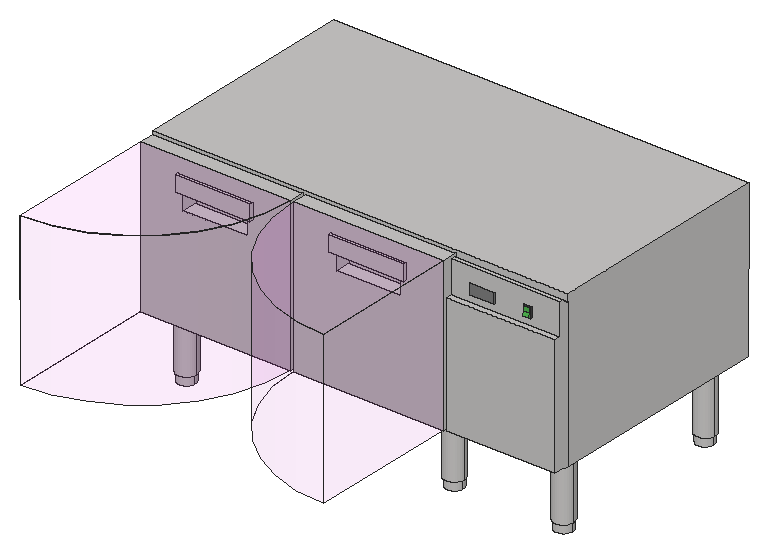
Revit family "QF_ELECTROLUXPROFESSIONAL_371291_E7TTCECOMIN", category Specialty Equipment, Revit 2018
Family settings
  Round Connector Dimension = Use Diameter
  Part Type = Normal
  Work Plane-Based = No
  Always vertical = Yes
  Cut with Voids When Loaded = No
  Shared = No
  Room Calculation Point = No
Parameters (values of type "Standard")
  Weight = 95.00 kg
  Watts = 0 W
  Volts = 220 V
  URL Manufacturer = "http://professional.electrolux.com"
  URL = "http://professional.electrolux.com"
  Steam Supply Size = 0 mm
  Steam Supply Minimum Pressure = 0.0 Pa
  Steam Supply Maximum Pressure = 0.0 Pa
  Steam Pounds per Hour = 0
  Refrigeration Suction Line Size = 0 mm
  Refrigeration Liquid Line Size = 0 mm
  Refrigerant Compressor Remote = yes
  Manufacturer = "Electrolux Professional"
  Phase = 1
  Model = "E7TTCECOMIN"
  Length Actual = 1200 mm  # constant formula
  Item Number = "371291"
  Hot Water Size = 0 mm
  Height Actual = 600 mm  # constant formula
  HP = "0.5 HP"
  Gas Size = 0 mm
  Gas KW = 0
  Gas Input Pressure = 0 W
  Direct Waste Size = 12.7 mm
  Description = "REFRIGERATED BASE WITH 2 DOORS 1200MM - R290"
  Depth Actual = 700 mm  # constant formula
  Cycle = 50 Hz
  Condensate Return Size = 0 mm
  Compressed Air Volume = 0.0 L/s
  Compressed Air Size = 0 mm
  Compressed Air Pressure = 0.0 Pa
  Cold Water Size = 0 mm
  Accessory = yes
Values of the unnamed type that differ from the named types
  Volts = 0 V
  URL Manufacturer = ""
  Item Number = ""
  Cycle = 0 Hz
Reference planes
  plane 1 "Center X": y = 0
  plane 2: z = 0
  plane 3 "Centro (Sinistra/Destra)": x = 0
  plane 4: z = 200
  plane 5 "TOP": z = 650
  plane 6 "BACK": y = 350
  plane 7 "FRONT": y = -350
  plane 8 "LEFT": x = -600
  plane 9 "RIGHT": x = 600
  plane 10: y = -303
  plane 11: y = -348
  plane 12: x = -545
  plane 13: x = 545
  plane 14: x = 229
  plane 15: y = 262
  plane 16: y = -249
  plane 17: x = 286
  plane 18: x = -599
  plane 19: x = 599
  plane 20: y = 190
  plane 21: x = 560
Forms (mm)
  Extrusion 1, solid, material "QF_Finishes_Stainless Steel"
    sketch origin (0, 0, 650) x (-1, 0, 0) y (0, -1, 0)
      loop
        line (599, -350) -> (599, 303) -> (-599, 303) -> (-599, -350) -> (599, -350)
    from -450 to 0
  Extrusion 2, solid, material "QF_Finishes_Stainless Steel"
    sketch origin (196, -342.999, 0) x (-1, 0, 0) y (0, 0, 1)
      loop
        line (795, 201.587) -> (795, 640.994) -> (360.999, 640.994) -> (360.999, 201.587) -> (795, 201.587)
      loop
        line (671.3, 506.706) -> (671.3, 585) -> (484.699, 585) -> (484.699, 506.706) -> (671.3, 506.706)
    from -5.001 to 39.999
  Extrusion 3, solid, material "QF_Finishes_Stainless Steel"
    sketch origin (599, 66.551, 0) x (0, 1, 0) y (0, 0, 1)
      loop
        line (-369.551, 629.527) -> (-386.314, 640.994) -> (-397.65, 640.994) -> (-397.65, 549.796) -> (-414.551, 549.796) -> (-414.551, 204.796) -> (-384.714, 204.796) -> (-374.993, 200) -> (-369.551, 200) -> (-369.551, 629.527)
    from 0 to -313
  Extrusion 4, solid, material "QF_Finishes_Black"
    sketch origin (583, -331.099, 630.994) x (0, 0, -1) y (1, 0, 0)
      loop
        line (32.198, -86.899) -> (61.199, -86.899) -> (61.199, -64.9) -> (32.198, -64.9) -> (32.198, -86.899)
    from 0 to 1.6
  Extrusion 5, solid, material "QF_Finishes_Grey"
    sketch origin (589, -331.099, 630.994) x (0, 0, -1) y (1, 0, 0)
      loop
        line (32.198, -248.099) -> (61.199, -248.099) -> (61.199, -178.099) -> (32.198, -178.099) -> (32.198, -248.099)
    from 0 to 1.6
  Extrusion 6, solid, material "QF_Finishes_Green"
    sketch origin (518.1, -331.099, 598.796) x (0, 0, -1) y (0, 1, 0)
      loop
        line (2.279, -3.281) -> (14.5, -3.281) -> (25.308, -8.985)
        arc (25.308, -8.985) -> (26.537, -5.394) -> (26.605, -1.6) r 12.221
        line (26.605, -1.6) -> (2.395, -1.6)
        arc (2.395, -1.6) -> (2.308, -2.439) -> (2.279, -3.281) r 12.221
    from -20 to -2
  Extrusion 7, solid, material "QF_Finishes_Stainless Steel"
    sketch origin (196, -348, 0) x (1, 0, 0) y (0, 0, 1)
      loop
        line (-686.3, 598.969) -> (-686.3, 553.969) -> (-469.699, 553.969) -> (-469.699, 598.969) -> (-686.3, 598.969)
    from 0 to 10
  Extrusion 8, solid, material "QF_Finishes_Stainless Steel"
    sketch origin (638.501, -342.999, 0) x (-1, 0, 0) y (0, 0, 1)
      loop
        line (795, 201.587) -> (795, 640.994) -> (360.999, 640.994) -> (360.999, 201.587) -> (795, 201.587)
      loop
        line (671.3, 506.706) -> (671.3, 585) -> (484.699, 585) -> (484.699, 506.706) -> (671.3, 506.706)
    from -5.001 to 39.999
  Extrusion 9, solid, material "QF_Finishes_Stainless Steel"
    sketch origin (638.501, -348, 0) x (1, 0, 0) y (0, 0, 1)
      loop
        line (-686.3, 598.969) -> (-686.3, 553.969) -> (-469.699, 553.969) -> (-469.699, 598.969) -> (-686.3, 598.969)
    from 0 to 10
  Extrusion 10, solid, material "QF_Finishes_Stainless Steel"
    sketch origin (0, 0, 0) x (1, 0, 0) y (0, 1, 0)
      loop
        circle (560, 190) r 6
    from 189.987 to 200
  Extrusion 11, solid, material "QF_Door-Drawer Clearances"
    sketch origin (0, 0, 0) x (1, 0, 0) y (0, 1, 0)
      loop
        line (-599, -348) -> (-599, -782.001)
        arc (-599, -782.001) -> (-292.115, -654.885) -> (-164.999, -348) r 434.001
        line (-164.999, -348) -> (-599, -348)
    from 201.587 to 640.994
  Extrusion 12, solid, material "QF_Door-Drawer Clearances"
    sketch origin (-321.498, 0, 0) x (-1, 0, 0) y (0, -1, 0)
      loop
        line (-599, 348) -> (-164.999, 348)
        arc (-164.999, 348) -> (-292.115, 654.885) -> (-599, 782.001) r 434.001
        line (-599, 782.001) -> (-599, 348)
    from 201.587 to 640.994
Lines and regions (mm)
  Split face 1
    outline origin (589, -332.699, 630.994) x (0, 0, -1) y (1, 0, 0)
      loop
        line (37.198, -238.099) -> (52.198, -238.099) -> (52.198, -188.099) -> (37.198, -188.099) -> (37.198, -238.099)
  Split face 2
    outline origin (589, -332.699, 630.994) x (0, 0, -1) y (1, 0, 0)
      loop
        circle (44.698, -185.099) r 1.2
  Split face 3
    outline origin (589, -332.699, 630.994) x (0, 0, -1) y (1, 0, 0)
      loop
        circle (39.698, -185.099) r 1.2
  Split face 4
    outline origin (589, -332.699, 630.994) x (0, 0, -1) y (1, 0, 0)
      loop
        circle (49.698, -185.099) r 1.2
  Split face 5
    outline origin (589, -332.699, 630.994) x (0, 0, -1) y (1, 0, 0)
      loop
        circle (39.698, -241.099) r 1.2
  Split face 6
    outline origin (589, -332.699, 630.994) x (0, 0, -1) y (1, 0, 0)
      loop
        circle (44.698, -241.099) r 1.2
  Split face 7
    outline origin (589, -332.699, 630.994) x (0, 0, -1) y (1, 0, 0)
      loop
        circle (49.698, -241.099) r 1.2
  Split face 8
    outline origin (589, -332.699, 630.994) x (0, 0, -1) y (1, 0, 0)
      loop
        line (59.151, -238.099) -> (59.151, -227.099) -> (54.151, -227.099) -> (54.151, -238.099) -> (59.151, -238.099)
  Split face 9
    outline origin (589, -332.699, 630.994) x (0, 0, -1) y (1, 0, 0)
      loop
        line (54.151, -225.099) -> (59.151, -225.099) -> (59.151, -214.099) -> (54.151, -214.099) -> (54.151, -225.099)
  Split face 10
    outline origin (602, -332.699, 630.994) x (0, 0, -1) y (1, 0, 0)
      loop
        line (54.151, -225.099) -> (59.151, -225.099) -> (59.151, -214.099) -> (54.151, -214.099) -> (54.151, -225.099)
  Split face 11
    outline origin (615, -332.699, 630.994) x (0, 0, -1) y (1, 0, 0)
      loop
        line (54.151, -225.099) -> (59.151, -225.099) -> (59.151, -214.099) -> (54.151, -214.099) -> (54.151, -225.099)
  Split face 12
    outline origin (601.5, -348, 412.291) x (0, 0, -1) y (1, 0, 0)
      loop
        arc (-85.025, -282.599) -> (-81.004, -278.61) -> (-85.004, -274.599) r 4
        line (-85.004, -274.599) -> (-117.004, -274.599)
        arc (-117.004, -274.599) -> (-121.004, -278.61) -> (-116.984, -282.599) r 4
        line (-116.984, -282.599) -> (-85.025, -282.599)
  Split face 13
    outline origin (613.5, -348, 412.291) x (0, 0, -1) y (1, 0, 0)
      loop
        arc (-85.025, -282.599) -> (-81.004, -278.61) -> (-85.004, -274.599) r 4
        line (-85.004, -274.599) -> (-117.004, -274.599)
        arc (-117.004, -274.599) -> (-121.004, -278.61) -> (-116.984, -282.599) r 4
        line (-116.984, -282.599) -> (-85.025, -282.599)
  Split face 14
    outline origin (625.5, -348, 412.291) x (0, 0, -1) y (1, 0, 0)
      loop
        arc (-85.025, -282.599) -> (-81.004, -278.61) -> (-85.004, -274.599) r 4
        line (-85.004, -274.599) -> (-117.004, -274.599)
        arc (-117.004, -274.599) -> (-121.004, -278.61) -> (-116.984, -282.599) r 4
        line (-116.984, -282.599) -> (-85.025, -282.599)
  Split face 15
    outline origin (637.397, -348, 412.291) x (0, 0, -1) y (1, 0, 0)
      loop
        arc (-85.025, -282.599) -> (-81.004, -278.61) -> (-85.004, -274.599) r 4
        line (-85.004, -274.599) -> (-117.004, -274.599)
        arc (-117.004, -274.599) -> (-121.004, -278.61) -> (-116.984, -282.599) r 4
        line (-116.984, -282.599) -> (-85.025, -282.599)
  Split face 16
    outline origin (649.396, -348, 412.291) x (0, 0, -1) y (1, 0, 0)
      loop
        arc (-85.025, -282.599) -> (-81.004, -278.61) -> (-85.004, -274.599) r 4
        line (-85.004, -274.599) -> (-117.004, -274.599)
        arc (-117.004, -274.599) -> (-121.004, -278.61) -> (-116.984, -282.599) r 4
        line (-116.984, -282.599) -> (-85.025, -282.599)
  Split face 17
    outline origin (661.396, -348, 412.291) x (0, 0, -1) y (1, 0, 0)
      loop
        arc (-85.025, -282.599) -> (-81.004, -278.61) -> (-85.004, -274.599) r 4
        line (-85.004, -274.599) -> (-117.004, -274.599)
        arc (-117.004, -274.599) -> (-121.004, -278.61) -> (-116.984, -282.599) r 4
        line (-116.984, -282.599) -> (-85.025, -282.599)
  Split face 18
    outline origin (673.396, -348, 412.291) x (0, 0, -1) y (1, 0, 0)
      loop
        arc (-85.025, -282.599) -> (-81.004, -278.61) -> (-85.004, -274.599) r 4
        line (-85.004, -274.599) -> (-117.004, -274.599)
        arc (-117.004, -274.599) -> (-121.004, -278.61) -> (-116.984, -282.599) r 4
        line (-116.984, -282.599) -> (-85.025, -282.599)
  Split face 19
    outline origin (685.397, -348, 412.291) x (0, 0, -1) y (1, 0, 0)
      loop
        arc (-85.025, -282.599) -> (-81.004, -278.61) -> (-85.004, -274.599) r 4
        line (-85.004, -274.599) -> (-117.004, -274.599)
        arc (-117.004, -274.599) -> (-121.004, -278.61) -> (-116.984, -282.599) r 4
        line (-116.984, -282.599) -> (-85.025, -282.599)
  Split face 20
    outline origin (697.396, -348, 412.291) x (0, 0, -1) y (1, 0, 0)
      loop
        arc (-85.025, -282.599) -> (-81.004, -278.61) -> (-85.004, -274.599) r 4
        line (-85.004, -274.599) -> (-117.004, -274.599)
        arc (-117.004, -274.599) -> (-121.004, -278.61) -> (-116.984, -282.599) r 4
        line (-116.984, -282.599) -> (-85.025, -282.599)
  Split face 21
    outline origin (704.396, -348, 412.291) x (0, 0, -1) y (1, 0, 0)
      loop
        arc (-85.025, -242.399) -> (-81.004, -238.41) -> (-85.004, -234.4) r 4
        line (-85.004, -234.4) -> (-117.004, -234.4)
        arc (-117.004, -234.4) -> (-121.004, -238.41) -> (-116.984, -242.399) r 4
        line (-116.984, -242.399) -> (-85.025, -242.399)
  Split face 22
    outline origin (716.396, -348, 412.291) x (0, 0, -1) y (1, 0, 0)
      loop
        arc (-85.025, -242.399) -> (-81.004, -238.41) -> (-85.004, -234.4) r 4
        line (-85.004, -234.4) -> (-117.004, -234.4)
        arc (-117.004, -234.4) -> (-121.004, -238.41) -> (-116.984, -242.399) r 4
        line (-116.984, -242.399) -> (-85.025, -242.399)
  Split face 23
    outline origin (728.396, -348, 412.291) x (0, 0, -1) y (1, 0, 0)
      loop
        arc (-85.025, -242.399) -> (-81.004, -238.41) -> (-85.004, -234.4) r 4
        line (-85.004, -234.4) -> (-117.004, -234.4)
        arc (-117.004, -234.4) -> (-121.004, -238.41) -> (-116.984, -242.399) r 4
        line (-116.984, -242.399) -> (-85.025, -242.399)
  Split face 24
    outline origin (740.396, -348, 412.291) x (0, 0, -1) y (1, 0, 0)
      loop
        arc (-85.025, -242.399) -> (-81.004, -238.41) -> (-85.004, -234.4) r 4
        line (-85.004, -234.4) -> (-117.004, -234.4)
        arc (-117.004, -234.4) -> (-121.004, -238.41) -> (-116.984, -242.399) r 4
        line (-116.984, -242.399) -> (-85.025, -242.399)
  Split face 25
    outline origin (752.396, -348, 412.291) x (0, 0, -1) y (1, 0, 0)
      loop
        arc (-85.025, -242.399) -> (-81.004, -238.41) -> (-85.004, -234.4) r 4
        line (-85.004, -234.4) -> (-117.004, -234.4)
        arc (-117.004, -234.4) -> (-121.004, -238.41) -> (-116.984, -242.399) r 4
        line (-116.984, -242.399) -> (-85.025, -242.399)
  Split face 26
    outline origin (764.396, -348, 412.291) x (0, 0, -1) y (1, 0, 0)
      loop
        arc (-85.025, -242.399) -> (-81.004, -238.41) -> (-85.004, -234.4) r 4
        line (-85.004, -234.4) -> (-117.004, -234.4)
        arc (-117.004, -234.4) -> (-121.004, -238.41) -> (-116.984, -242.399) r 4
        line (-116.984, -242.399) -> (-85.025, -242.399)
  Split face 27
    outline origin (776.396, -348, 412.291) x (0, 0, -1) y (1, 0, 0)
      loop
        arc (-85.025, -242.399) -> (-81.004, -238.41) -> (-85.004, -234.4) r 4
        line (-85.004, -234.4) -> (-117.004, -234.4)
        arc (-117.004, -234.4) -> (-121.004, -238.41) -> (-116.984, -242.399) r 4
        line (-116.984, -242.399) -> (-85.025, -242.399)
  Split face 28
    outline origin (788.396, -348, 412.291) x (0, 0, -1) y (1, 0, 0)
      loop
        arc (-85.025, -242.399) -> (-81.004, -238.41) -> (-85.004, -234.4) r 4
        line (-85.004, -234.4) -> (-117.004, -234.4)
        arc (-117.004, -234.4) -> (-121.004, -238.41) -> (-116.984, -242.399) r 4
        line (-116.984, -242.399) -> (-85.025, -242.399)
  Split face 29
    outline origin (800.396, -348, 412.291) x (0, 0, -1) y (1, 0, 0)
      loop
        arc (-85.025, -242.399) -> (-81.004, -238.41) -> (-85.004, -234.4) r 4
        line (-85.004, -234.4) -> (-117.004, -234.4)
        arc (-117.004, -234.4) -> (-121.004, -238.41) -> (-116.984, -242.399) r 4
        line (-116.984, -242.399) -> (-85.025, -242.399)
  Split face 30
    outline origin (812.396, -348, 412.291) x (0, 0, -1) y (1, 0, 0)
      loop
        arc (-85.025, -242.399) -> (-81.004, -238.41) -> (-85.004, -234.4) r 4
        line (-85.004, -234.4) -> (-117.004, -234.4)
        arc (-117.004, -234.4) -> (-121.004, -238.41) -> (-116.984, -242.399) r 4
        line (-116.984, -242.399) -> (-85.025, -242.399)
  Split face 31
    outline origin (589.5, -348, 412.291) x (0, 0, -1) y (1, 0, 0)
      loop
        arc (-85.025, -282.599) -> (-81.004, -278.61) -> (-85.004, -274.599) r 4
        line (-85.004, -274.599) -> (-117.004, -274.599)
        arc (-117.004, -274.599) -> (-121.004, -278.61) -> (-116.984, -282.599) r 4
        line (-116.984, -282.599) -> (-85.025, -282.599)
  Split face 32
    outline origin (601.5, -348, 367.29) x (0, 0, -1) y (1, 0, 0)
      loop
        arc (-85.025, -282.599) -> (-81.004, -278.61) -> (-85.004, -274.599) r 4
        line (-85.004, -274.599) -> (-117.004, -274.599)
        arc (-117.004, -274.599) -> (-121.004, -278.61) -> (-116.984, -282.599) r 4
        line (-116.984, -282.599) -> (-85.025, -282.599)
  Split face 33
    outline origin (613.5, -348, 367.29) x (0, 0, -1) y (1, 0, 0)
      loop
        arc (-85.025, -282.599) -> (-81.004, -278.61) -> (-85.004, -274.599) r 4
        line (-85.004, -274.599) -> (-117.004, -274.599)
        arc (-117.004, -274.599) -> (-121.004, -278.61) -> (-116.984, -282.599) r 4
        line (-116.984, -282.599) -> (-85.025, -282.599)
  Split face 34
    outline origin (625.5, -348, 367.29) x (0, 0, -1) y (1, 0, 0)
      loop
        arc (-85.025, -282.599) -> (-81.004, -278.61) -> (-85.004, -274.599) r 4
        line (-85.004, -274.599) -> (-117.004, -274.599)
        arc (-117.004, -274.599) -> (-121.004, -278.61) -> (-116.984, -282.599) r 4
        line (-116.984, -282.599) -> (-85.025, -282.599)
  Split face 35
    outline origin (637.397, -348, 367.29) x (0, 0, -1) y (1, 0, 0)
      loop
        arc (-85.025, -282.599) -> (-81.004, -278.61) -> (-85.004, -274.599) r 4
        line (-85.004, -274.599) -> (-117.004, -274.599)
        arc (-117.004, -274.599) -> (-121.004, -278.61) -> (-116.984, -282.599) r 4
        line (-116.984, -282.599) -> (-85.025, -282.599)
  Split face 36
    outline origin (649.396, -348, 367.29) x (0, 0, -1) y (1, 0, 0)
      loop
        arc (-85.025, -282.599) -> (-81.004, -278.61) -> (-85.004, -274.599) r 4
        line (-85.004, -274.599) -> (-117.004, -274.599)
        arc (-117.004, -274.599) -> (-121.004, -278.61) -> (-116.984, -282.599) r 4
        line (-116.984, -282.599) -> (-85.025, -282.599)
  Split face 37
    outline origin (661.396, -348, 367.29) x (0, 0, -1) y (1, 0, 0)
      loop
        arc (-85.025, -282.599) -> (-81.004, -278.61) -> (-85.004, -274.599) r 4
        line (-85.004, -274.599) -> (-117.004, -274.599)
        arc (-117.004, -274.599) -> (-121.004, -278.61) -> (-116.984, -282.599) r 4
        line (-116.984, -282.599) -> (-85.025, -282.599)
  Split face 38
    outline origin (673.396, -348, 367.29) x (0, 0, -1) y (1, 0, 0)
      loop
        arc (-85.025, -282.599) -> (-81.004, -278.61) -> (-85.004, -274.599) r 4
        line (-85.004, -274.599) -> (-117.004, -274.599)
        arc (-117.004, -274.599) -> (-121.004, -278.61) -> (-116.984, -282.599) r 4
        line (-116.984, -282.599) -> (-85.025, -282.599)
  Split face 39
    outline origin (685.397, -348, 367.29) x (0, 0, -1) y (1, 0, 0)
      loop
        arc (-85.025, -282.599) -> (-81.004, -278.61) -> (-85.004, -274.599) r 4
        line (-85.004, -274.599) -> (-117.004, -274.599)
        arc (-117.004, -274.599) -> (-121.004, -278.61) -> (-116.984, -282.599) r 4
        line (-116.984, -282.599) -> (-85.025, -282.599)
  Split face 40
    outline origin (697.396, -348, 367.29) x (0, 0, -1) y (1, 0, 0)
      loop
        arc (-85.025, -282.599) -> (-81.004, -278.61) -> (-85.004, -274.599) r 4
        line (-85.004, -274.599) -> (-117.004, -274.599)
        arc (-117.004, -274.599) -> (-121.004, -278.61) -> (-116.984, -282.599) r 4
        line (-116.984, -282.599) -> (-85.025, -282.599)
  Split face 41
    outline origin (704.396, -348, 367.29) x (0, 0, -1) y (1, 0, 0)
      loop
        arc (-85.025, -242.399) -> (-81.004, -238.41) -> (-85.004, -234.4) r 4
        line (-85.004, -234.4) -> (-117.004, -234.4)
        arc (-117.004, -234.4) -> (-121.004, -238.41) -> (-116.984, -242.399) r 4
        line (-116.984, -242.399) -> (-85.025, -242.399)
  Split face 42
    outline origin (716.396, -348, 367.29) x (0, 0, -1) y (1, 0, 0)
      loop
        arc (-85.025, -242.399) -> (-81.004, -238.41) -> (-85.004, -234.4) r 4
        line (-85.004, -234.4) -> (-117.004, -234.4)
        arc (-117.004, -234.4) -> (-121.004, -238.41) -> (-116.984, -242.399) r 4
        line (-116.984, -242.399) -> (-85.025, -242.399)
  Split face 43
    outline origin (728.396, -348, 367.29) x (0, 0, -1) y (1, 0, 0)
      loop
        arc (-85.025, -242.399) -> (-81.004, -238.41) -> (-85.004, -234.4) r 4
        line (-85.004, -234.4) -> (-117.004, -234.4)
        arc (-117.004, -234.4) -> (-121.004, -238.41) -> (-116.984, -242.399) r 4
        line (-116.984, -242.399) -> (-85.025, -242.399)
  Split face 44
    outline origin (740.396, -348, 367.29) x (0, 0, -1) y (1, 0, 0)
      loop
        arc (-85.025, -242.399) -> (-81.004, -238.41) -> (-85.004, -234.4) r 4
        line (-85.004, -234.4) -> (-117.004, -234.4)
        arc (-117.004, -234.4) -> (-121.004, -238.41) -> (-116.984, -242.399) r 4
        line (-116.984, -242.399) -> (-85.025, -242.399)
  Split face 45
    outline origin (752.396, -348, 367.29) x (0, 0, -1) y (1, 0, 0)
      loop
        arc (-85.025, -242.399) -> (-81.004, -238.41) -> (-85.004, -234.4) r 4
        line (-85.004, -234.4) -> (-117.004, -234.4)
        arc (-117.004, -234.4) -> (-121.004, -238.41) -> (-116.984, -242.399) r 4
        line (-116.984, -242.399) -> (-85.025, -242.399)
  Split face 46
    outline origin (764.396, -348, 367.29) x (0, 0, -1) y (1, 0, 0)
      loop
        arc (-85.025, -242.399) -> (-81.004, -238.41) -> (-85.004, -234.4) r 4
        line (-85.004, -234.4) -> (-117.004, -234.4)
        arc (-117.004, -234.4) -> (-121.004, -238.41) -> (-116.984, -242.399) r 4
        line (-116.984, -242.399) -> (-85.025, -242.399)
  Split face 47
    outline origin (776.396, -348, 367.29) x (0, 0, -1) y (1, 0, 0)
      loop
        arc (-85.025, -242.399) -> (-81.004, -238.41) -> (-85.004, -234.4) r 4
        line (-85.004, -234.4) -> (-117.004, -234.4)
        arc (-117.004, -234.4) -> (-121.004, -238.41) -> (-116.984, -242.399) r 4
        line (-116.984, -242.399) -> (-85.025, -242.399)
  Split face 48
    outline origin (788.396, -348, 367.29) x (0, 0, -1) y (1, 0, 0)
      loop
        arc (-85.025, -242.399) -> (-81.004, -238.41) -> (-85.004, -234.4) r 4
        line (-85.004, -234.4) -> (-117.004, -234.4)
        arc (-117.004, -234.4) -> (-121.004, -238.41) -> (-116.984, -242.399) r 4
        line (-116.984, -242.399) -> (-85.025, -242.399)
  Split face 49
    outline origin (800.396, -348, 367.29) x (0, 0, -1) y (1, 0, 0)
      loop
        arc (-85.025, -242.399) -> (-81.004, -238.41) -> (-85.004, -234.4) r 4
        line (-85.004, -234.4) -> (-117.004, -234.4)
        arc (-117.004, -234.4) -> (-121.004, -238.41) -> (-116.984, -242.399) r 4
        line (-116.984, -242.399) -> (-85.025, -242.399)
  Split face 50
    outline origin (812.396, -348, 367.29) x (0, 0, -1) y (1, 0, 0)
      loop
        arc (-85.025, -242.399) -> (-81.004, -238.41) -> (-85.004, -234.4) r 4
        line (-85.004, -234.4) -> (-117.004, -234.4)
        arc (-117.004, -234.4) -> (-121.004, -238.41) -> (-116.984, -242.399) r 4
        line (-116.984, -242.399) -> (-85.025, -242.399)
  Split face 51
    outline origin (589.5, -348, 367.29) x (0, 0, -1) y (1, 0, 0)
      loop
        arc (-85.025, -282.599) -> (-81.004, -278.61) -> (-85.004, -274.599) r 4
        line (-85.004, -274.599) -> (-117.004, -274.599)
        arc (-117.004, -274.599) -> (-121.004, -278.61) -> (-116.984, -282.599) r 4
        line (-116.984, -282.599) -> (-85.025, -282.599)
  Split face 52
    outline origin (601.5, -348, 322.29) x (0, 0, -1) y (1, 0, 0)
      loop
        arc (-85.025, -282.599) -> (-81.004, -278.61) -> (-85.004, -274.599) r 4
        line (-85.004, -274.599) -> (-117.004, -274.599)
        arc (-117.004, -274.599) -> (-121.004, -278.61) -> (-116.984, -282.599) r 4
        line (-116.984, -282.599) -> (-85.025, -282.599)
  Split face 53
    outline origin (613.5, -348, 322.29) x (0, 0, -1) y (1, 0, 0)
      loop
        arc (-85.025, -282.599) -> (-81.004, -278.61) -> (-85.004, -274.599) r 4
        line (-85.004, -274.599) -> (-117.004, -274.599)
        arc (-117.004, -274.599) -> (-121.004, -278.61) -> (-116.984, -282.599) r 4
        line (-116.984, -282.599) -> (-85.025, -282.599)
  Split face 54
    outline origin (625.5, -348, 322.29) x (0, 0, -1) y (1, 0, 0)
      loop
        arc (-85.025, -282.599) -> (-81.004, -278.61) -> (-85.004, -274.599) r 4
        line (-85.004, -274.599) -> (-117.004, -274.599)
        arc (-117.004, -274.599) -> (-121.004, -278.61) -> (-116.984, -282.599) r 4
        line (-116.984, -282.599) -> (-85.025, -282.599)
  Split face 55
    outline origin (637.397, -348, 322.29) x (0, 0, -1) y (1, 0, 0)
      loop
        arc (-85.025, -282.599) -> (-81.004, -278.61) -> (-85.004, -274.599) r 4
        line (-85.004, -274.599) -> (-117.004, -274.599)
        arc (-117.004, -274.599) -> (-121.004, -278.61) -> (-116.984, -282.599) r 4
        line (-116.984, -282.599) -> (-85.025, -282.599)
  Split face 56
    outline origin (649.396, -348, 322.29) x (0, 0, -1) y (1, 0, 0)
      loop
        arc (-85.025, -282.599) -> (-81.004, -278.61) -> (-85.004, -274.599) r 4
        line (-85.004, -274.599) -> (-117.004, -274.599)
        arc (-117.004, -274.599) -> (-121.004, -278.61) -> (-116.984, -282.599) r 4
        line (-116.984, -282.599) -> (-85.025, -282.599)
  Split face 57
    outline origin (661.396, -348, 322.29) x (0, 0, -1) y (1, 0, 0)
      loop
        arc (-85.025, -282.599) -> (-81.004, -278.61) -> (-85.004, -274.599) r 4
        line (-85.004, -274.599) -> (-117.004, -274.599)
        arc (-117.004, -274.599) -> (-121.004, -278.61) -> (-116.984, -282.599) r 4
        line (-116.984, -282.599) -> (-85.025, -282.599)
  Split face 58
    outline origin (673.396, -348, 322.29) x (0, 0, -1) y (1, 0, 0)
      loop
        arc (-85.025, -282.599) -> (-81.004, -278.61) -> (-85.004, -274.599) r 4
        line (-85.004, -274.599) -> (-117.004, -274.599)
        arc (-117.004, -274.599) -> (-121.004, -278.61) -> (-116.984, -282.599) r 4
        line (-116.984, -282.599) -> (-85.025, -282.599)
  Split face 59
    outline origin (685.397, -348, 322.29) x (0, 0, -1) y (1, 0, 0)
      loop
        arc (-85.025, -282.599) -> (-81.004, -278.61) -> (-85.004, -274.599) r 4
        line (-85.004, -274.599) -> (-117.004, -274.599)
        arc (-117.004, -274.599) -> (-121.004, -278.61) -> (-116.984, -282.599) r 4
        line (-116.984, -282.599) -> (-85.025, -282.599)
  Split face 60
    outline origin (697.396, -348, 322.29) x (0, 0, -1) y (1, 0, 0)
      loop
        arc (-85.025, -282.599) -> (-81.004, -278.61) -> (-85.004, -274.599) r 4
        line (-85.004, -274.599) -> (-117.004, -274.599)
        arc (-117.004, -274.599) -> (-121.004, -278.61) -> (-116.984, -282.599) r 4
        line (-116.984, -282.599) -> (-85.025, -282.599)
  Split face 61
    outline origin (704.396, -348, 322.29) x (0, 0, -1) y (1, 0, 0)
      loop
        arc (-85.025, -242.399) -> (-81.004, -238.41) -> (-85.004, -234.4) r 4
        line (-85.004, -234.4) -> (-117.004, -234.4)
        arc (-117.004, -234.4) -> (-121.004, -238.41) -> (-116.984, -242.399) r 4
        line (-116.984, -242.399) -> (-85.025, -242.399)
  Split face 62
    outline origin (716.396, -348, 322.29) x (0, 0, -1) y (1, 0, 0)
      loop
        arc (-85.025, -242.399) -> (-81.004, -238.41) -> (-85.004, -234.4) r 4
        line (-85.004, -234.4) -> (-117.004, -234.4)
        arc (-117.004, -234.4) -> (-121.004, -238.41) -> (-116.984, -242.399) r 4
        line (-116.984, -242.399) -> (-85.025, -242.399)
  Split face 63
    outline origin (728.396, -348, 322.29) x (0, 0, -1) y (1, 0, 0)
      loop
        arc (-85.025, -242.399) -> (-81.004, -238.41) -> (-85.004, -234.4) r 4
        line (-85.004, -234.4) -> (-117.004, -234.4)
        arc (-117.004, -234.4) -> (-121.004, -238.41) -> (-116.984, -242.399) r 4
        line (-116.984, -242.399) -> (-85.025, -242.399)
  Split face 64
    outline origin (740.396, -348, 322.29) x (0, 0, -1) y (1, 0, 0)
      loop
        arc (-85.025, -242.399) -> (-81.004, -238.41) -> (-85.004, -234.4) r 4
        line (-85.004, -234.4) -> (-117.004, -234.4)
        arc (-117.004, -234.4) -> (-121.004, -238.41) -> (-116.984, -242.399) r 4
        line (-116.984, -242.399) -> (-85.025, -242.399)
  Split face 65
    outline origin (752.396, -348, 322.29) x (0, 0, -1) y (1, 0, 0)
      loop
        arc (-85.025, -242.399) -> (-81.004, -238.41) -> (-85.004, -234.4) r 4
        line (-85.004, -234.4) -> (-117.004, -234.4)
        arc (-117.004, -234.4) -> (-121.004, -238.41) -> (-116.984, -242.399) r 4
        line (-116.984, -242.399) -> (-85.025, -242.399)
  Split face 66
    outline origin (764.396, -348, 322.29) x (0, 0, -1) y (1, 0, 0)
      loop
        arc (-85.025, -242.399) -> (-81.004, -238.41) -> (-85.004, -234.4) r 4
        line (-85.004, -234.4) -> (-117.004, -234.4)
        arc (-117.004, -234.4) -> (-121.004, -238.41) -> (-116.984, -242.399) r 4
        line (-116.984, -242.399) -> (-85.025, -242.399)
  Split face 67
    outline origin (776.396, -348, 322.29) x (0, 0, -1) y (1, 0, 0)
      loop
        arc (-85.025, -242.399) -> (-81.004, -238.41) -> (-85.004, -234.4) r 4
        line (-85.004, -234.4) -> (-117.004, -234.4)
        arc (-117.004, -234.4) -> (-121.004, -238.41) -> (-116.984, -242.399) r 4
        line (-116.984, -242.399) -> (-85.025, -242.399)
  Split face 68
    outline origin (788.396, -348, 322.29) x (0, 0, -1) y (1, 0, 0)
      loop
        arc (-85.025, -242.399) -> (-81.004, -238.41) -> (-85.004, -234.4) r 4
        line (-85.004, -234.4) -> (-117.004, -234.4)
        arc (-117.004, -234.4) -> (-121.004, -238.41) -> (-116.984, -242.399) r 4
        line (-116.984, -242.399) -> (-85.025, -242.399)
  Split face 69
    outline origin (800.396, -348, 322.29) x (0, 0, -1) y (1, 0, 0)
      loop
        arc (-85.025, -242.399) -> (-81.004, -238.41) -> (-85.004, -234.4) r 4
        line (-85.004, -234.4) -> (-117.004, -234.4)
        arc (-117.004, -234.4) -> (-121.004, -238.41) -> (-116.984, -242.399) r 4
        line (-116.984, -242.399) -> (-85.025, -242.399)
  Split face 70
    outline origin (812.396, -348, 322.29) x (0, 0, -1) y (1, 0, 0)
      loop
        arc (-85.025, -242.399) -> (-81.004, -238.41) -> (-85.004, -234.4) r 4
        line (-85.004, -234.4) -> (-117.004, -234.4)
        arc (-117.004, -234.4) -> (-121.004, -238.41) -> (-116.984, -242.399) r 4
        line (-116.984, -242.399) -> (-85.025, -242.399)
  Split face 71
    outline origin (589.5, -348, 322.29) x (0, 0, -1) y (1, 0, 0)
      loop
        arc (-85.025, -282.599) -> (-81.004, -278.61) -> (-85.004, -274.599) r 4
        line (-85.004, -274.599) -> (-117.004, -274.599)
        arc (-117.004, -274.599) -> (-121.004, -278.61) -> (-116.984, -282.599) r 4
        line (-116.984, -282.599) -> (-85.025, -282.599)
  Split face 72
    outline origin (601.5, -348, 277.29) x (0, 0, -1) y (1, 0, 0)
      loop
        arc (-85.025, -282.599) -> (-81.004, -278.61) -> (-85.004, -274.599) r 4
        line (-85.004, -274.599) -> (-117.004, -274.599)
        arc (-117.004, -274.599) -> (-121.004, -278.61) -> (-116.984, -282.599) r 4
        line (-116.984, -282.599) -> (-85.025, -282.599)
  Split face 73
    outline origin (613.5, -348, 277.29) x (0, 0, -1) y (1, 0, 0)
      loop
        arc (-85.025, -282.599) -> (-81.004, -278.61) -> (-85.004, -274.599) r 4
        line (-85.004, -274.599) -> (-117.004, -274.599)
        arc (-117.004, -274.599) -> (-121.004, -278.61) -> (-116.984, -282.599) r 4
        line (-116.984, -282.599) -> (-85.025, -282.599)
  Split face 74
    outline origin (625.5, -348, 277.29) x (0, 0, -1) y (1, 0, 0)
      loop
        arc (-85.025, -282.599) -> (-81.004, -278.61) -> (-85.004, -274.599) r 4
        line (-85.004, -274.599) -> (-117.004, -274.599)
        arc (-117.004, -274.599) -> (-121.004, -278.61) -> (-116.984, -282.599) r 4
        line (-116.984, -282.599) -> (-85.025, -282.599)
  Split face 75
    outline origin (637.397, -348, 277.29) x (0, 0, -1) y (1, 0, 0)
      loop
        arc (-85.025, -282.599) -> (-81.004, -278.61) -> (-85.004, -274.599) r 4
        line (-85.004, -274.599) -> (-117.004, -274.599)
        arc (-117.004, -274.599) -> (-121.004, -278.61) -> (-116.984, -282.599) r 4
        line (-116.984, -282.599) -> (-85.025, -282.599)
  Split face 76
    outline origin (649.396, -348, 277.29) x (0, 0, -1) y (1, 0, 0)
      loop
        arc (-85.025, -282.599) -> (-81.004, -278.61) -> (-85.004, -274.599) r 4
        line (-85.004, -274.599) -> (-117.004, -274.599)
        arc (-117.004, -274.599) -> (-121.004, -278.61) -> (-116.984, -282.599) r 4
        line (-116.984, -282.599) -> (-85.025, -282.599)
  Split face 77
    outline origin (661.396, -348, 277.29) x (0, 0, -1) y (1, 0, 0)
      loop
        arc (-85.025, -282.599) -> (-81.004, -278.61) -> (-85.004, -274.599) r 4
        line (-85.004, -274.599) -> (-117.004, -274.599)
        arc (-117.004, -274.599) -> (-121.004, -278.61) -> (-116.984, -282.599) r 4
        line (-116.984, -282.599) -> (-85.025, -282.599)
  Split face 78
    outline origin (673.396, -348, 277.29) x (0, 0, -1) y (1, 0, 0)
      loop
        arc (-85.025, -282.599) -> (-81.004, -278.61) -> (-85.004, -274.599) r 4
        line (-85.004, -274.599) -> (-117.004, -274.599)
        arc (-117.004, -274.599) -> (-121.004, -278.61) -> (-116.984, -282.599) r 4
        line (-116.984, -282.599) -> (-85.025, -282.599)
  Split face 79
    outline origin (685.397, -348, 277.29) x (0, 0, -1) y (1, 0, 0)
      loop
        arc (-85.025, -282.599) -> (-81.004, -278.61) -> (-85.004, -274.599) r 4
        line (-85.004, -274.599) -> (-117.004, -274.599)
        arc (-117.004, -274.599) -> (-121.004, -278.61) -> (-116.984, -282.599) r 4
        line (-116.984, -282.599) -> (-85.025, -282.599)
  Split face 80
    outline origin (697.396, -348, 277.29) x (0, 0, -1) y (1, 0, 0)
      loop
        arc (-85.025, -282.599) -> (-81.004, -278.61) -> (-85.004, -274.599) r 4
        line (-85.004, -274.599) -> (-117.004, -274.599)
        arc (-117.004, -274.599) -> (-121.004, -278.61) -> (-116.984, -282.599) r 4
        line (-116.984, -282.599) -> (-85.025, -282.599)
  Split face 81
    outline origin (704.396, -348, 277.29) x (0, 0, -1) y (1, 0, 0)
      loop
        arc (-85.025, -242.399) -> (-81.004, -238.41) -> (-85.004, -234.4) r 4
        line (-85.004, -234.4) -> (-117.004, -234.4)
        arc (-117.004, -234.4) -> (-121.004, -238.41) -> (-116.984, -242.399) r 4
        line (-116.984, -242.399) -> (-85.025, -242.399)
  Split face 82
    outline origin (716.396, -348, 277.29) x (0, 0, -1) y (1, 0, 0)
      loop
        arc (-85.025, -242.399) -> (-81.004, -238.41) -> (-85.004, -234.4) r 4
        line (-85.004, -234.4) -> (-117.004, -234.4)
        arc (-117.004, -234.4) -> (-121.004, -238.41) -> (-116.984, -242.399) r 4
        line (-116.984, -242.399) -> (-85.025, -242.399)
  Split face 83
    outline origin (728.396, -348, 277.29) x (0, 0, -1) y (1, 0, 0)
      loop
        arc (-85.025, -242.399) -> (-81.004, -238.41) -> (-85.004, -234.4) r 4
        line (-85.004, -234.4) -> (-117.004, -234.4)
        arc (-117.004, -234.4) -> (-121.004, -238.41) -> (-116.984, -242.399) r 4
        line (-116.984, -242.399) -> (-85.025, -242.399)
  Split face 84
    outline origin (740.396, -348, 277.29) x (0, 0, -1) y (1, 0, 0)
      loop
        arc (-85.025, -242.399) -> (-81.004, -238.41) -> (-85.004, -234.4) r 4
        line (-85.004, -234.4) -> (-117.004, -234.4)
        arc (-117.004, -234.4) -> (-121.004, -238.41) -> (-116.984, -242.399) r 4
        line (-116.984, -242.399) -> (-85.025, -242.399)
  Split face 85
    outline origin (752.396, -348, 277.29) x (0, 0, -1) y (1, 0, 0)
      loop
        arc (-85.025, -242.399) -> (-81.004, -238.41) -> (-85.004, -234.4) r 4
        line (-85.004, -234.4) -> (-117.004, -234.4)
        arc (-117.004, -234.4) -> (-121.004, -238.41) -> (-116.984, -242.399) r 4
        line (-116.984, -242.399) -> (-85.025, -242.399)
  Split face 86
    outline origin (764.396, -348, 277.29) x (0, 0, -1) y (1, 0, 0)
      loop
        arc (-85.025, -242.399) -> (-81.004, -238.41) -> (-85.004, -234.4) r 4
        line (-85.004, -234.4) -> (-117.004, -234.4)
        arc (-117.004, -234.4) -> (-121.004, -238.41) -> (-116.984, -242.399) r 4
        line (-116.984, -242.399) -> (-85.025, -242.399)
  Split face 87
    outline origin (776.396, -348, 277.29) x (0, 0, -1) y (1, 0, 0)
      loop
        arc (-85.025, -242.399) -> (-81.004, -238.41) -> (-85.004, -234.4) r 4
        line (-85.004, -234.4) -> (-117.004, -234.4)
        arc (-117.004, -234.4) -> (-121.004, -238.41) -> (-116.984, -242.399) r 4
        line (-116.984, -242.399) -> (-85.025, -242.399)
  Split face 88
    outline origin (788.396, -348, 277.29) x (0, 0, -1) y (1, 0, 0)
      loop
        arc (-85.025, -242.399) -> (-81.004, -238.41) -> (-85.004, -234.4) r 4
        line (-85.004, -234.4) -> (-117.004, -234.4)
        arc (-117.004, -234.4) -> (-121.004, -238.41) -> (-116.984, -242.399) r 4
        line (-116.984, -242.399) -> (-85.025, -242.399)
  Split face 89
    outline origin (800.396, -348, 277.29) x (0, 0, -1) y (1, 0, 0)
      loop
        arc (-85.025, -242.399) -> (-81.004, -238.41) -> (-85.004, -234.4) r 4
        line (-85.004, -234.4) -> (-117.004, -234.4)
        arc (-117.004, -234.4) -> (-121.004, -238.41) -> (-116.984, -242.399) r 4
        line (-116.984, -242.399) -> (-85.025, -242.399)
  Split face 90
    outline origin (812.396, -348, 277.29) x (0, 0, -1) y (1, 0, 0)
      loop
        arc (-85.025, -242.399) -> (-81.004, -238.41) -> (-85.004, -234.4) r 4
        line (-85.004, -234.4) -> (-117.004, -234.4)
        arc (-117.004, -234.4) -> (-121.004, -238.41) -> (-116.984, -242.399) r 4
        line (-116.984, -242.399) -> (-85.025, -242.399)
  Split face 91
    outline origin (589.5, -348, 277.29) x (0, 0, -1) y (1, 0, 0)
      loop
        arc (-85.025, -282.599) -> (-81.004, -278.61) -> (-85.004, -274.599) r 4
        line (-85.004, -274.599) -> (-117.004, -274.599)
        arc (-117.004, -274.599) -> (-121.004, -278.61) -> (-116.984, -282.599) r 4
        line (-116.984, -282.599) -> (-85.025, -282.599)
  Split face 92
    outline origin (601.5, -348, 232.29) x (0, 0, -1) y (1, 0, 0)
      loop
        arc (-85.025, -282.599) -> (-81.004, -278.61) -> (-85.004, -274.599) r 4
        line (-85.004, -274.599) -> (-117.004, -274.599)
        arc (-117.004, -274.599) -> (-121.004, -278.61) -> (-116.984, -282.599) r 4
        line (-116.984, -282.599) -> (-85.025, -282.599)
  Split face 93
    outline origin (613.5, -348, 232.29) x (0, 0, -1) y (1, 0, 0)
      loop
        arc (-85.025, -282.599) -> (-81.004, -278.61) -> (-85.004, -274.599) r 4
        line (-85.004, -274.599) -> (-117.004, -274.599)
        arc (-117.004, -274.599) -> (-121.004, -278.61) -> (-116.984, -282.599) r 4
        line (-116.984, -282.599) -> (-85.025, -282.599)
  Split face 94
    outline origin (625.5, -348, 232.29) x (0, 0, -1) y (1, 0, 0)
      loop
        arc (-85.025, -282.599) -> (-81.004, -278.61) -> (-85.004, -274.599) r 4
        line (-85.004, -274.599) -> (-117.004, -274.599)
        arc (-117.004, -274.599) -> (-121.004, -278.61) -> (-116.984, -282.599) r 4
        line (-116.984, -282.599) -> (-85.025, -282.599)
  Split face 95
    outline origin (637.397, -348, 232.29) x (0, 0, -1) y (1, 0, 0)
      loop
        arc (-85.025, -282.599) -> (-81.004, -278.61) -> (-85.004, -274.599) r 4
        line (-85.004, -274.599) -> (-117.004, -274.599)
        arc (-117.004, -274.599) -> (-121.004, -278.61) -> (-116.984, -282.599) r 4
        line (-116.984, -282.599) -> (-85.025, -282.599)
  Split face 96
    outline origin (649.396, -348, 232.29) x (0, 0, -1) y (1, 0, 0)
      loop
        arc (-85.025, -282.599) -> (-81.004, -278.61) -> (-85.004, -274.599) r 4
        line (-85.004, -274.599) -> (-117.004, -274.599)
        arc (-117.004, -274.599) -> (-121.004, -278.61) -> (-116.984, -282.599) r 4
        line (-116.984, -282.599) -> (-85.025, -282.599)
  Split face 97
    outline origin (661.396, -348, 232.29) x (0, 0, -1) y (1, 0, 0)
      loop
        arc (-85.025, -282.599) -> (-81.004, -278.61) -> (-85.004, -274.599) r 4
        line (-85.004, -274.599) -> (-117.004, -274.599)
        arc (-117.004, -274.599) -> (-121.004, -278.61) -> (-116.984, -282.599) r 4
        line (-116.984, -282.599) -> (-85.025, -282.599)
  Split face 98
    outline origin (673.396, -348, 232.29) x (0, 0, -1) y (1, 0, 0)
      loop
        arc (-85.025, -282.599) -> (-81.004, -278.61) -> (-85.004, -274.599) r 4
        line (-85.004, -274.599) -> (-117.004, -274.599)
        arc (-117.004, -274.599) -> (-121.004, -278.61) -> (-116.984, -282.599) r 4
        line (-116.984, -282.599) -> (-85.025, -282.599)
  Split face 99
    outline origin (685.397, -348, 232.29) x (0, 0, -1) y (1, 0, 0)
      loop
        arc (-85.025, -282.599) -> (-81.004, -278.61) -> (-85.004, -274.599) r 4
        line (-85.004, -274.599) -> (-117.004, -274.599)
        arc (-117.004, -274.599) -> (-121.004, -278.61) -> (-116.984, -282.599) r 4
        line (-116.984, -282.599) -> (-85.025, -282.599)
  Split face 100
    outline origin (697.396, -348, 232.29) x (0, 0, -1) y (1, 0, 0)
      loop
        arc (-85.025, -282.599) -> (-81.004, -278.61) -> (-85.004, -274.599) r 4
        line (-85.004, -274.599) -> (-117.004, -274.599)
        arc (-117.004, -274.599) -> (-121.004, -278.61) -> (-116.984, -282.599) r 4
        line (-116.984, -282.599) -> (-85.025, -282.599)
  Split face 101
    outline origin (704.396, -348, 232.29) x (0, 0, -1) y (1, 0, 0)
      loop
        arc (-85.025, -242.399) -> (-81.004, -238.41) -> (-85.004, -234.4) r 4
        line (-85.004, -234.4) -> (-117.004, -234.4)
        arc (-117.004, -234.4) -> (-121.004, -238.41) -> (-116.984, -242.399) r 4
        line (-116.984, -242.399) -> (-85.025, -242.399)
  Split face 102
    outline origin (716.396, -348, 232.29) x (0, 0, -1) y (1, 0, 0)
      loop
        arc (-85.025, -242.399) -> (-81.004, -238.41) -> (-85.004, -234.4) r 4
        line (-85.004, -234.4) -> (-117.004, -234.4)
        arc (-117.004, -234.4) -> (-121.004, -238.41) -> (-116.984, -242.399) r 4
        line (-116.984, -242.399) -> (-85.025, -242.399)
  Split face 103
    outline origin (728.396, -348, 232.29) x (0, 0, -1) y (1, 0, 0)
      loop
        arc (-85.025, -242.399) -> (-81.004, -238.41) -> (-85.004, -234.4) r 4
        line (-85.004, -234.4) -> (-117.004, -234.4)
        arc (-117.004, -234.4) -> (-121.004, -238.41) -> (-116.984, -242.399) r 4
        line (-116.984, -242.399) -> (-85.025, -242.399)
  Split face 104
    outline origin (740.396, -348, 232.29) x (0, 0, -1) y (1, 0, 0)
      loop
        arc (-85.025, -242.399) -> (-81.004, -238.41) -> (-85.004, -234.4) r 4
        line (-85.004, -234.4) -> (-117.004, -234.4)
        arc (-117.004, -234.4) -> (-121.004, -238.41) -> (-116.984, -242.399) r 4
        line (-116.984, -242.399) -> (-85.025, -242.399)
  Split face 105
    outline origin (752.396, -348, 232.29) x (0, 0, -1) y (1, 0, 0)
      loop
        arc (-85.025, -242.399) -> (-81.004, -238.41) -> (-85.004, -234.4) r 4
        line (-85.004, -234.4) -> (-117.004, -234.4)
        arc (-117.004, -234.4) -> (-121.004, -238.41) -> (-116.984, -242.399) r 4
        line (-116.984, -242.399) -> (-85.025, -242.399)
  Split face 106
    outline origin (764.396, -348, 232.29) x (0, 0, -1) y (1, 0, 0)
      loop
        arc (-85.025, -242.399) -> (-81.004, -238.41) -> (-85.004, -234.4) r 4
        line (-85.004, -234.4) -> (-117.004, -234.4)
        arc (-117.004, -234.4) -> (-121.004, -238.41) -> (-116.984, -242.399) r 4
        line (-116.984, -242.399) -> (-85.025, -242.399)
  Split face 107
    outline origin (776.396, -348, 232.29) x (0, 0, -1) y (1, 0, 0)
      loop
        arc (-85.025, -242.399) -> (-81.004, -238.41) -> (-85.004, -234.4) r 4
        line (-85.004, -234.4) -> (-117.004, -234.4)
        arc (-117.004, -234.4) -> (-121.004, -238.41) -> (-116.984, -242.399) r 4
        line (-116.984, -242.399) -> (-85.025, -242.399)
  Split face 108
    outline origin (788.396, -348, 232.29) x (0, 0, -1) y (1, 0, 0)
      loop
        arc (-85.025, -242.399) -> (-81.004, -238.41) -> (-85.004, -234.4) r 4
        line (-85.004, -234.4) -> (-117.004, -234.4)
        arc (-117.004, -234.4) -> (-121.004, -238.41) -> (-116.984, -242.399) r 4
        line (-116.984, -242.399) -> (-85.025, -242.399)
  Split face 109
    outline origin (800.396, -348, 232.29) x (0, 0, -1) y (1, 0, 0)
      loop
        arc (-85.025, -242.399) -> (-81.004, -238.41) -> (-85.004, -234.4) r 4
        line (-85.004, -234.4) -> (-117.004, -234.4)
        arc (-117.004, -234.4) -> (-121.004, -238.41) -> (-116.984, -242.399) r 4
        line (-116.984, -242.399) -> (-85.025, -242.399)
  Split face 110
    outline origin (812.396, -348, 232.29) x (0, 0, -1) y (1, 0, 0)
      loop
        arc (-85.025, -242.399) -> (-81.004, -238.41) -> (-85.004, -234.4) r 4
        line (-85.004, -234.4) -> (-117.004, -234.4)
        arc (-117.004, -234.4) -> (-121.004, -238.41) -> (-116.984, -242.399) r 4
        line (-116.984, -242.399) -> (-85.025, -242.399)
  Split face 111
    outline origin (589.5, -348, 232.29) x (0, 0, -1) y (1, 0, 0)
      loop
        arc (-85.025, -282.599) -> (-81.004, -278.61) -> (-85.004, -274.599) r 4
        line (-85.004, -274.599) -> (-117.004, -274.599)
        arc (-117.004, -274.599) -> (-121.004, -278.61) -> (-116.984, -282.599) r 4
        line (-116.984, -282.599) -> (-85.025, -282.599)
  Split face 112
    outline origin (601.5, -348, 187.29) x (0, 0, -1) y (1, 0, 0)
      loop
        arc (-85.025, -282.599) -> (-81.004, -278.61) -> (-85.004, -274.599) r 4
        line (-85.004, -274.599) -> (-117.004, -274.599)
        arc (-117.004, -274.599) -> (-121.004, -278.61) -> (-116.984, -282.599) r 4
        line (-116.984, -282.599) -> (-85.025, -282.599)
  Split face 113
    outline origin (613.5, -348, 187.29) x (0, 0, -1) y (1, 0, 0)
      loop
        arc (-85.025, -282.599) -> (-81.004, -278.61) -> (-85.004, -274.599) r 4
        line (-85.004, -274.599) -> (-117.004, -274.599)
        arc (-117.004, -274.599) -> (-121.004, -278.61) -> (-116.984, -282.599) r 4
        line (-116.984, -282.599) -> (-85.025, -282.599)
  Split face 114
    outline origin (625.5, -348, 187.29) x (0, 0, -1) y (1, 0, 0)
      loop
        arc (-85.025, -282.599) -> (-81.004, -278.61) -> (-85.004, -274.599) r 4
        line (-85.004, -274.599) -> (-117.004, -274.599)
        arc (-117.004, -274.599) -> (-121.004, -278.61) -> (-116.984, -282.599) r 4
        line (-116.984, -282.599) -> (-85.025, -282.599)
  Split face 115
    outline origin (637.397, -348, 187.29) x (0, 0, -1) y (1, 0, 0)
      loop
        arc (-85.025, -282.599) -> (-81.004, -278.61) -> (-85.004, -274.599) r 4
        line (-85.004, -274.599) -> (-117.004, -274.599)
        arc (-117.004, -274.599) -> (-121.004, -278.61) -> (-116.984, -282.599) r 4
        line (-116.984, -282.599) -> (-85.025, -282.599)
  Split face 116
    outline origin (649.396, -348, 187.29) x (0, 0, -1) y (1, 0, 0)
      loop
        arc (-85.025, -282.599) -> (-81.004, -278.61) -> (-85.004, -274.599) r 4
        line (-85.004, -274.599) -> (-117.004, -274.599)
        arc (-117.004, -274.599) -> (-121.004, -278.61) -> (-116.984, -282.599) r 4
        line (-116.984, -282.599) -> (-85.025, -282.599)
  Split face 117
    outline origin (661.396, -348, 187.29) x (0, 0, -1) y (1, 0, 0)
      loop
        arc (-85.025, -282.599) -> (-81.004, -278.61) -> (-85.004, -274.599) r 4
        line (-85.004, -274.599) -> (-117.004, -274.599)
        arc (-117.004, -274.599) -> (-121.004, -278.61) -> (-116.984, -282.599) r 4
        line (-116.984, -282.599) -> (-85.025, -282.599)
  Split face 118
    outline origin (673.396, -348, 187.29) x (0, 0, -1) y (1, 0, 0)
      loop
        arc (-85.025, -282.599) -> (-81.004, -278.61) -> (-85.004, -274.599) r 4
        line (-85.004, -274.599) -> (-117.004, -274.599)
        arc (-117.004, -274.599) -> (-121.004, -278.61) -> (-116.984, -282.599) r 4
        line (-116.984, -282.599) -> (-85.025, -282.599)
  Split face 119
    outline origin (685.397, -348, 187.29) x (0, 0, -1) y (1, 0, 0)
      loop
        arc (-85.025, -282.599) -> (-81.004, -278.61) -> (-85.004, -274.599) r 4
        line (-85.004, -274.599) -> (-117.004, -274.599)
        arc (-117.004, -274.599) -> (-121.004, -278.61) -> (-116.984, -282.599) r 4
        line (-116.984, -282.599) -> (-85.025, -282.599)
  Split face 120
    outline origin (697.396, -348, 187.29) x (0, 0, -1) y (1, 0, 0)
      loop
        arc (-85.025, -282.599) -> (-81.004, -278.61) -> (-85.004, -274.599) r 4
        line (-85.004, -274.599) -> (-117.004, -274.599)
        arc (-117.004, -274.599) -> (-121.004, -278.61) -> (-116.984, -282.599) r 4
        line (-116.984, -282.599) -> (-85.025, -282.599)
  Split face 121
    outline origin (704.396, -348, 187.29) x (0, 0, -1) y (1, 0, 0)
      loop
        arc (-85.025, -242.399) -> (-81.004, -238.41) -> (-85.004, -234.4) r 4
        line (-85.004, -234.4) -> (-117.004, -234.4)
        arc (-117.004, -234.4) -> (-121.004, -238.41) -> (-116.984, -242.399) r 4
        line (-116.984, -242.399) -> (-85.025, -242.399)
  Split face 122
    outline origin (716.396, -348, 187.29) x (0, 0, -1) y (1, 0, 0)
      loop
        arc (-85.025, -242.399) -> (-81.004, -238.41) -> (-85.004, -234.4) r 4
        line (-85.004, -234.4) -> (-117.004, -234.4)
        arc (-117.004, -234.4) -> (-121.004, -238.41) -> (-116.984, -242.399) r 4
        line (-116.984, -242.399) -> (-85.025, -242.399)
  Split face 123
    outline origin (728.396, -348, 187.29) x (0, 0, -1) y (1, 0, 0)
      loop
        arc (-85.025, -242.399) -> (-81.004, -238.41) -> (-85.004, -234.4) r 4
        line (-85.004, -234.4) -> (-117.004, -234.4)
        arc (-117.004, -234.4) -> (-121.004, -238.41) -> (-116.984, -242.399) r 4
        line (-116.984, -242.399) -> (-85.025, -242.399)
  Split face 124
    outline origin (740.396, -348, 187.29) x (0, 0, -1) y (1, 0, 0)
      loop
        arc (-85.025, -242.399) -> (-81.004, -238.41) -> (-85.004, -234.4) r 4
        line (-85.004, -234.4) -> (-117.004, -234.4)
        arc (-117.004, -234.4) -> (-121.004, -238.41) -> (-116.984, -242.399) r 4
        line (-116.984, -242.399) -> (-85.025, -242.399)
  Split face 125
    outline origin (752.396, -348, 187.29) x (0, 0, -1) y (1, 0, 0)
      loop
        arc (-85.025, -242.399) -> (-81.004, -238.41) -> (-85.004, -234.4) r 4
        line (-85.004, -234.4) -> (-117.004, -234.4)
        arc (-117.004, -234.4) -> (-121.004, -238.41) -> (-116.984, -242.399) r 4
        line (-116.984, -242.399) -> (-85.025, -242.399)
  Split face 126
    outline origin (764.396, -348, 187.29) x (0, 0, -1) y (1, 0, 0)
      loop
        arc (-85.025, -242.399) -> (-81.004, -238.41) -> (-85.004, -234.4) r 4
        line (-85.004, -234.4) -> (-117.004, -234.4)
        arc (-117.004, -234.4) -> (-121.004, -238.41) -> (-116.984, -242.399) r 4
        line (-116.984, -242.399) -> (-85.025, -242.399)
  Split face 127
    outline origin (776.396, -348, 187.29) x (0, 0, -1) y (1, 0, 0)
      loop
        arc (-85.025, -242.399) -> (-81.004, -238.41) -> (-85.004, -234.4) r 4
        line (-85.004, -234.4) -> (-117.004, -234.4)
        arc (-117.004, -234.4) -> (-121.004, -238.41) -> (-116.984, -242.399) r 4
        line (-116.984, -242.399) -> (-85.025, -242.399)
  Split face 128
    outline origin (788.396, -348, 187.29) x (0, 0, -1) y (1, 0, 0)
      loop
        arc (-85.025, -242.399) -> (-81.004, -238.41) -> (-85.004, -234.4) r 4
        line (-85.004, -234.4) -> (-117.004, -234.4)
        arc (-117.004, -234.4) -> (-121.004, -238.41) -> (-116.984, -242.399) r 4
        line (-116.984, -242.399) -> (-85.025, -242.399)
  Split face 129
    outline origin (800.396, -348, 187.29) x (0, 0, -1) y (1, 0, 0)
      loop
        arc (-85.025, -242.399) -> (-81.004, -238.41) -> (-85.004, -234.4) r 4
        line (-85.004, -234.4) -> (-117.004, -234.4)
        arc (-117.004, -234.4) -> (-121.004, -238.41) -> (-116.984, -242.399) r 4
        line (-116.984, -242.399) -> (-85.025, -242.399)
  Split face 130
    outline origin (812.396, -348, 187.29) x (0, 0, -1) y (1, 0, 0)
      loop
        arc (-85.025, -242.399) -> (-81.004, -238.41) -> (-85.004, -234.4) r 4
        line (-85.004, -234.4) -> (-117.004, -234.4)
        arc (-117.004, -234.4) -> (-121.004, -238.41) -> (-116.984, -242.399) r 4
        line (-116.984, -242.399) -> (-85.025, -242.399)
  Split face 131
    outline origin (589.5, -348, 187.29) x (0, 0, -1) y (1, 0, 0)
      loop
        arc (-85.025, -282.599) -> (-81.004, -278.61) -> (-85.004, -274.599) r 4
        line (-85.004, -274.599) -> (-117.004, -274.599)
        arc (-117.004, -274.599) -> (-121.004, -278.61) -> (-116.984, -282.599) r 4
        line (-116.984, -282.599) -> (-85.025, -282.599)
  Split face 132
    outline origin (601.5, -348, 142.29) x (0, 0, -1) y (1, 0, 0)
      loop
        arc (-85.025, -282.599) -> (-81.004, -278.61) -> (-85.004, -274.599) r 4
        line (-85.004, -274.599) -> (-117.004, -274.599)
        arc (-117.004, -274.599) -> (-121.004, -278.61) -> (-116.984, -282.599) r 4
        line (-116.984, -282.599) -> (-85.025, -282.599)
  Split face 133
    outline origin (613.5, -348, 142.29) x (0, 0, -1) y (1, 0, 0)
      loop
        arc (-85.025, -282.599) -> (-81.004, -278.61) -> (-85.004, -274.599) r 4
        line (-85.004, -274.599) -> (-117.004, -274.599)
        arc (-117.004, -274.599) -> (-121.004, -278.61) -> (-116.984, -282.599) r 4
        line (-116.984, -282.599) -> (-85.025, -282.599)
  Split face 134
    outline origin (625.5, -348, 142.29) x (0, 0, -1) y (1, 0, 0)
      loop
        arc (-85.025, -282.599) -> (-81.004, -278.61) -> (-85.004, -274.599) r 4
        line (-85.004, -274.599) -> (-117.004, -274.599)
        arc (-117.004, -274.599) -> (-121.004, -278.61) -> (-116.984, -282.599) r 4
        line (-116.984, -282.599) -> (-85.025, -282.599)
  Split face 135
    outline origin (637.397, -348, 142.29) x (0, 0, -1) y (1, 0, 0)
      loop
        arc (-85.025, -282.599) -> (-81.004, -278.61) -> (-85.004, -274.599) r 4
        line (-85.004, -274.599) -> (-117.004, -274.599)
        arc (-117.004, -274.599) -> (-121.004, -278.61) -> (-116.984, -282.599) r 4
        line (-116.984, -282.599) -> (-85.025, -282.599)
  Split face 136
    outline origin (649.396, -348, 142.29) x (0, 0, -1) y (1, 0, 0)
      loop
        arc (-85.025, -282.599) -> (-81.004, -278.61) -> (-85.004, -274.599) r 4
        line (-85.004, -274.599) -> (-117.004, -274.599)
        arc (-117.004, -274.599) -> (-121.004, -278.61) -> (-116.984, -282.599) r 4
        line (-116.984, -282.599) -> (-85.025, -282.599)
  Split face 137
    outline origin (661.396, -348, 142.29) x (0, 0, -1) y (1, 0, 0)
      loop
        arc (-85.025, -282.599) -> (-81.004, -278.61) -> (-85.004, -274.599) r 4
        line (-85.004, -274.599) -> (-117.004, -274.599)
        arc (-117.004, -274.599) -> (-121.004, -278.61) -> (-116.984, -282.599) r 4
        line (-116.984, -282.599) -> (-85.025, -282.599)
  Split face 138
    outline origin (673.396, -348, 142.29) x (0, 0, -1) y (1, 0, 0)
      loop
        arc (-85.025, -282.599) -> (-81.004, -278.61) -> (-85.004, -274.599) r 4
        line (-85.004, -274.599) -> (-117.004, -274.599)
        arc (-117.004, -274.599) -> (-121.004, -278.61) -> (-116.984, -282.599) r 4
        line (-116.984, -282.599) -> (-85.025, -282.599)
  Split face 139
    outline origin (685.397, -348, 142.29) x (0, 0, -1) y (1, 0, 0)
      loop
        arc (-85.025, -282.599) -> (-81.004, -278.61) -> (-85.004, -274.599) r 4
        line (-85.004, -274.599) -> (-117.004, -274.599)
        arc (-117.004, -274.599) -> (-121.004, -278.61) -> (-116.984, -282.599) r 4
        line (-116.984, -282.599) -> (-85.025, -282.599)
  Split face 140
    outline origin (697.396, -348, 142.29) x (0, 0, -1) y (1, 0, 0)
      loop
        arc (-85.025, -282.599) -> (-81.004, -278.61) -> (-85.004, -274.599) r 4
        line (-85.004, -274.599) -> (-117.004, -274.599)
        arc (-117.004, -274.599) -> (-121.004, -278.61) -> (-116.984, -282.599) r 4
        line (-116.984, -282.599) -> (-85.025, -282.599)
  Split face 141
    outline origin (704.396, -348, 142.29) x (0, 0, -1) y (1, 0, 0)
      loop
        arc (-85.025, -242.399) -> (-81.004, -238.41) -> (-85.004, -234.4) r 4
        line (-85.004, -234.4) -> (-117.004, -234.4)
        arc (-117.004, -234.4) -> (-121.004, -238.41) -> (-116.984, -242.399) r 4
        line (-116.984, -242.399) -> (-85.025, -242.399)
  Split face 142
    outline origin (716.396, -348, 142.29) x (0, 0, -1) y (1, 0, 0)
      loop
        arc (-85.025, -242.399) -> (-81.004, -238.41) -> (-85.004, -234.4) r 4
        line (-85.004, -234.4) -> (-117.004, -234.4)
        arc (-117.004, -234.4) -> (-121.004, -238.41) -> (-116.984, -242.399) r 4
        line (-116.984, -242.399) -> (-85.025, -242.399)
  Split face 143
    outline origin (728.396, -348, 142.29) x (0, 0, -1) y (1, 0, 0)
      loop
        arc (-85.025, -242.399) -> (-81.004, -238.41) -> (-85.004, -234.4) r 4
        line (-85.004, -234.4) -> (-117.004, -234.4)
        arc (-117.004, -234.4) -> (-121.004, -238.41) -> (-116.984, -242.399) r 4
        line (-116.984, -242.399) -> (-85.025, -242.399)
  Split face 144
    outline origin (740.396, -348, 142.29) x (0, 0, -1) y (1, 0, 0)
      loop
        arc (-85.025, -242.399) -> (-81.004, -238.41) -> (-85.004, -234.4) r 4
        line (-85.004, -234.4) -> (-117.004, -234.4)
        arc (-117.004, -234.4) -> (-121.004, -238.41) -> (-116.984, -242.399) r 4
        line (-116.984, -242.399) -> (-85.025, -242.399)
  Split face 145
    outline origin (752.396, -348, 142.29) x (0, 0, -1) y (1, 0, 0)
      loop
        arc (-85.025, -242.399) -> (-81.004, -238.41) -> (-85.004, -234.4) r 4
        line (-85.004, -234.4) -> (-117.004, -234.4)
        arc (-117.004, -234.4) -> (-121.004, -238.41) -> (-116.984, -242.399) r 4
        line (-116.984, -242.399) -> (-85.025, -242.399)
  Split face 146
    outline origin (764.396, -348, 142.29) x (0, 0, -1) y (1, 0, 0)
      loop
        arc (-85.025, -242.399) -> (-81.004, -238.41) -> (-85.004, -234.4) r 4
        line (-85.004, -234.4) -> (-117.004, -234.4)
        arc (-117.004, -234.4) -> (-121.004, -238.41) -> (-116.984, -242.399) r 4
        line (-116.984, -242.399) -> (-85.025, -242.399)
  Split face 147
    outline origin (776.396, -348, 142.29) x (0, 0, -1) y (1, 0, 0)
      loop
        arc (-85.025, -242.399) -> (-81.004, -238.41) -> (-85.004, -234.4) r 4
        line (-85.004, -234.4) -> (-117.004, -234.4)
        arc (-117.004, -234.4) -> (-121.004, -238.41) -> (-116.984, -242.399) r 4
        line (-116.984, -242.399) -> (-85.025, -242.399)
  Split face 148
    outline origin (788.396, -348, 142.29) x (0, 0, -1) y (1, 0, 0)
      loop
        arc (-85.025, -242.399) -> (-81.004, -238.41) -> (-85.004, -234.4) r 4
